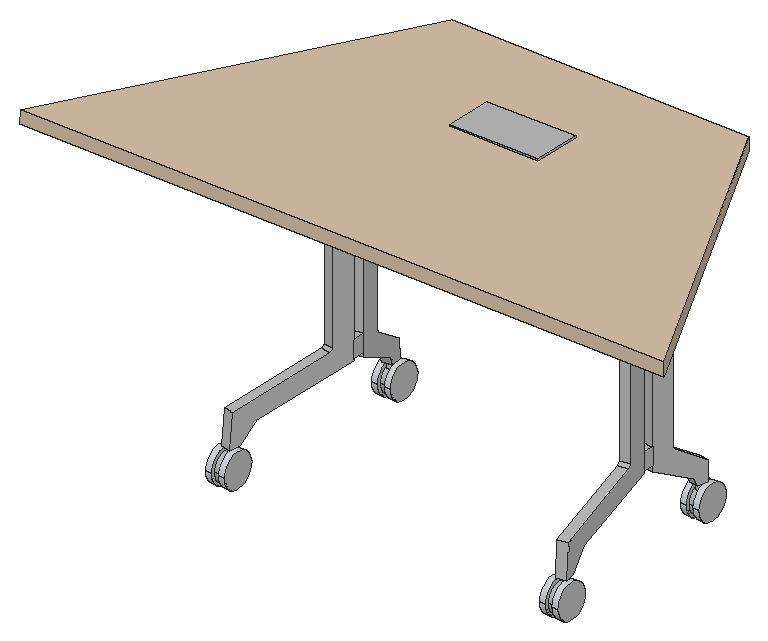
Revit family "Haworth_Planes_TrainingTable_Trapezoid", category Furniture Systems, Revit 2018
Family settings
  Round Connector Dimension = Use Diameter
  Part Type = Normal
  OmniClass Number = 23.40.70.14.64.21
  OmniClass Title = Systems Furniture
  Work Plane-Based = No
  Always vertical = Yes
  Cut with Voids When Loaded = No
  Shared = No
  Room Calculation Point = No
Parameters (values of type "60w 30d")
  Warranty = "http://www.haworth.com/resources/product-info/warranties"
  Void Top Placement = Actual Height + 2"  # 31"
  Void Height = if(Knife Edge, 4", 1 1/2")  # 1 1/2"
  Void Cutout Height = if(Cutout, 5", 1/2")  # 5"
  URL - Product = "http://www.haworth.com/products/tables/training/planes"
  Type Comments = ""
  Table Finish [instance] = Haworth _ Laminate _ Maple H-AE
  Table Edge Finish [instance] = Haworth _ Laminate _ Maple H-AE
  Sustainability Info = "http://media.haworth.com/asset/5175/Planes%20tables%20PEDS.pdf"
  Opening Single Wide = no
  Opening Single Narrow = no
  Opening Single = and(Cutout, not(or(Opening Single Wide, Opening Single Narrow)))  # yes
  Leg Placement = 26"  # constant formula
  Knife Edge = not(Edgeband)  # no
  Fliptop Width = Cutout Width + 1/4"  # 8 1/4"
  Fliptop Depth = Cutout Depth + 3/8"  # 4 3/8"
  Model = "TATP"  # constant formula
  Leg Finish [instance] = Haworth _ Paint _ Metallic Champagne
  Glides = not(Casters)  # no
  Flip Top Finish = Haworth _ Paint _ Metallic Champagne
  Flip Top = yes
  Edgeband = yes
  Description = "Haworth - Planes Training - Table Trapezoid"  # constant formula
  Cutout Width = if(Opening Single Wide, 11", if(Opening Single Narrow, 4", 8"))  # 8"
  Cutout Depth = 4"  # constant formula
  URL = "www.haworth.com"
  Table Thickness = 1 3/16"  # constant formula
  Support Spacing - From Edge = 7 3/16"  # constant formula
  Size = "Verify Final Dim. w/ Haworth"  # constant formula
  Revision Number = "3"  # constant formula
  Manufacturer = "Haworth"  # constant formula
  Leg Height = Actual Height - Table Thickness  # 27 13/16"
  Cutout = yes
  Casters = yes
  Caster Finish [instance] = Haworth _ Paint _ Metallic Champagne
  Author = "Haworth (Hampton, Alias)"  # constant formula
  Assembly Code = "E2020200"
  Actual Width = 60"  # constant formula
  Actual Height = 29"  # constant formula
  Actual Depth = 30"  # constant formula
Reference planes (in)
  plane 1 "Center F/B": y = 0
  plane 2: z = 0
  plane 3 "Center L/R": x = 0
  plane 4 "Table Edge Left": x = -30
  plane 5 "Table Edge Right": x = 30
  plane 6 "Table Edge Front": y = 15
  plane 7 "Table Edge Back": y = -15
  plane 8 "Table Leg Left": x = -13
  plane 9 "Table Leg Right": x = 13
  plane 10 "Top": z = 29
  plane 11 "Support Back": y = 7.8125
  plane 12 "Left Angle": through (-30.26692, -15.49534, 48) normal (-0.8803, 0.4744, 0)
  plane 13: through (30.26692, -15.49534, 48) normal (-0.8803, -0.4744, 0)
  plane 14 "Top Bottom": z = 27.8125
  plane 15 "Void Bottom": z = 29.5
  plane 16 "Void Top": z = 31
  plane 17: y = 4.8125
  plane 18 "Cutout Left": x = -4.125
  plane 19 "Cutout Right": x = 4.125
  plane 20 "Cutout Back": y = 6.8125
  plane 21 "Cutout Front": y = 2.8125
  plane 22 "Void Cutout Bottom": z = 26
  plane 23 "Middle Worksurface": z = 28.625
Forms (in)
  Extrusion 1, solid, material "Haworth _ Laminate _ Maple H-AE" <- "Table Finish", visible <- "Edgeband"
    sketch origin (0, 0, 29) x (-1, 0, 0) y (0, -1, 0)
      loop
        line (13.83419, -15) -> (30, 15) -> (-30, 15) -> (-13.83419, -15) -> (13.83419, -15)
    from -1.1875 to 0
  Extrusion 2, void
    sketch origin (0, 0, 29) x (-1, 0, 0) y (0, -1, 0)
      loop
        line (4.125, -6.8125) -> (4.125, -2.8125) -> (-4.125, -2.8125) -> (-4.125, -6.8125) -> (4.125, -6.8125)
    from -3 to 2
  Extrusion 3, solid, material "Haworth _ Laminate _ Maple H-AE" <- "Table Finish", visible <- "Knife Edge"
    sketch origin (0, 0, 29) x (-1, 0, 0) y (0, -1, 0)
      loop
        line (13.83419, -15) -> (30, 15) -> (-30, 15) -> (-13.83419, -15) -> (13.83419, -15)
    from -0.375 to 0
  Blend 4, solid, material "Haworth _ Laminate _ Maple H-AE" <- "Table Finish", visible <- "Knife Edge"
    base sketch origin (0, 0, 29) x (-1, 0, 0) y (0, -1, 0)
      loop
        line (13.83419, -15) -> (28.92228, 13) -> (-28.92228, 13) -> (-13.83419, -15) -> (13.83419, -15)
    top sketch origin (0, 0, 29) x (-1, 0, 0) y (0, -1, 0)
      loop
        line (13.83419, -15) -> (30, 15) -> (-30, 15) -> (-13.83419, -15) -> (13.83419, -15)
    from -1.1875 to -0.375
Cuts and joins
  Extrusion 2 cuts Extrusion 1
  Extrusion 2 cuts Extrusion 3
  Extrusion 2 cuts Blend 4
  joined: Extrusion 3, Blend 4
Lines and regions (in)
  Masking region 1
    outline origin (0, 0, 29) x (-1, 0, 0) y (0, -1, 0)
      loop
        line (-13.83419, -15) -> (13.83419, -15) -> (30, 15) -> (-30, 15) -> (-13.83419, -15)
  symbolic lines, style "Haworth Hidden", visible <- "Knife Edge", detail levels medium+fine
    curve 1: line (-28.92228, -13, 29) -> (28.92228, -13, 29)
  symbolic lines, style "Haworth", visible <- "Cutout", detail levels medium+fine
    curve 2: line (-4.125, 6.8125, 29) -> (4.125, 6.8125, 29)
    curve 3: line (4.125, 6.8125, 29) -> (4.125, 2.8125, 29)
    curve 4: line (4.125, 2.8125, 29) -> (-4.125, 2.8125, 29)
    curve 5: line (-4.125, 2.8125, 29) -> (-4.125, 6.8125, 29)
Dimensions and locks (in)
  "Actual Width": plane 4 "Table Edge Left" to plane 5 "Table Edge Right"
  equal spacing: plane 4 "Table Edge Left", plane 3 "Center L/R", plane 5 "Table Edge Right"
  "Actual Depth": plane 6 "Table Edge Front" to plane 7 "Table Edge Back"
  equal spacing: plane 6 "Table Edge Front", plane 1 "Center F/B", plane 7 "Table Edge Back"
  "Actual Height": plane 10 "Top" to level
  equal spacing: plane 8 "Table Leg Left", plane 3 "Center L/R", plane 9 "Table Leg Right"
  "Leg Placement": plane 8 "Table Leg Left" to plane 9 "Table Leg Right"
  "Table Thickness": plane 10 "Top" to plane 14 "Top Bottom"
  "Support Spacing - From Edge": plane 6 "Table Edge Front" to plane 11 "Support Back"
  "Void Top Placement": plane 16 "Void Top" to level
  "Void Height": plane 16 "Void Top" to plane 15 "Void Bottom"
  locked: plane 11 "Support Back" to plane 17 at 3
  equal spacing: plane 18 "Cutout Left", plane 3 "Center L/R", plane 19 "Cutout Right"
  "Fliptop Width": plane 18 "Cutout Left" to plane 19 "Cutout Right"
  equal spacing: plane 20 "Cutout Back", plane 17, plane 21 "Cutout Front"
  "Cutout Depth": plane 20 "Cutout Back" to plane 21 "Cutout Front"
  "Void Cutout Height": plane 16 "Void Top" to plane 22 "Void Cutout Bottom"
  locked: plane 10 "Top" to plane 23 "Middle Worksurface" at 0.375
  locked: Blend 4 sketch curve to plane 7 "Table Edge Back" at 2
  locked: plane 7 "Table Edge Back" to curve 1 at 2
  aligned and locked: plane 8 "Table Leg Left" to nested 1
  aligned and locked: nested 2 to plane 9 "Table Leg Right"
  aligned and locked: plane 6 "Table Edge Front" to Extrusion 1 sketch curve
  aligned and locked: Extrusion 1 sketch curve to plane 7 "Table Edge Back"
  aligned and locked: plane 12 "Left Angle" to Extrusion 1 sketch curve
  aligned and locked: plane 13 to Extrusion 1 sketch curve
  aligned and locked: Extrusion 1 to plane 14 "Top Bottom"
  aligned and locked: plane 10 "Top" to Extrusion 1
  aligned and locked: nested 3 to plane 17
  aligned and locked: plane 18 "Cutout Left" to Extrusion 2 sketch curve
  aligned and locked: Extrusion 2 sketch curve to plane 21 "Cutout Front"
  aligned and locked: plane 19 "Cutout Right" to Extrusion 2 sketch curve
  aligned and locked: Extrusion 2 sketch curve to plane 20 "Cutout Back"
  aligned and locked: Extrusion 2 to plane 22 "Void Cutout Bottom"
  aligned and locked: plane 16 "Void Top" to Extrusion 2
  aligned and locked: plane 10 "Top" to Extrusion 3
  aligned and locked: Extrusion 3 to plane 23 "Middle Worksurface"
  aligned and locked: Blend 4 sketch curve to plane 13
  aligned and locked: Blend 4 sketch curve to plane 6 "Table Edge Front"
  aligned and locked: Blend 4 sketch curve to plane 12 "Left Angle"
  aligned and locked: plane 6 "Table Edge Front" to Blend 4 sketch curve
  aligned and locked: plane 13 to Blend 4 sketch curve
  aligned and locked: plane 12 "Left Angle" to Blend 4 sketch curve
  aligned and locked: Blend 4 sketch curve to plane 7 "Table Edge Back"
  aligned and locked: Blend 4 to plane 14 "Top Bottom"
  aligned and locked: Blend 4 to plane 23 "Middle Worksurface"
  aligned and locked: plane 2 to nested 4
  aligned and locked: plane 3 "Center L/R" to nested 4
  aligned and locked: plane 17 to nested 4
  aligned and locked: plane 13 to Masking region 1 sketch curve
  aligned and locked: plane 6 "Table Edge Front" to Masking region 1 sketch curve
  aligned and locked: plane 12 "Left Angle" to Masking region 1 sketch curve
  aligned and locked: Masking region 1 sketch curve to plane 7 "Table Edge Back"
  aligned and locked: plane 18 "Cutout Left" to nested 3
  aligned and locked: nested 3 to plane 19 "Cutout Right"
  aligned and locked: plane 20 "Cutout Back" to cut or joined group of Extrusion 2, Extrusion 3, Blend 4
  aligned and locked: plane 21 "Cutout Front" to cut or joined group of Extrusion 2, Extrusion 3, Blend 4
  aligned and locked: plane 2 to nested 1
  aligned and locked: nested 2 to plane 2
  aligned and locked: plane 10 "Top" to nested 3
Automatic sketch dimensions
  Extrusion 3 sketch curve to plane 5 "Table Edge Right" = 0"
  Extrusion 3 sketch curve to plane 6 "Table Edge Front" = 0"
  Extrusion 3 sketch curve to plane 13 = 0"
  Extrusion 3 sketch curve to plane 12 "Left Angle" = 0"
  Extrusion 3 sketch curve to plane 4 "Table Edge Left" = 0"
  Extrusion 3 sketch curve to plane 7 "Table Edge Back" = 0"
  curve 1 to plane 13 = 0"
  curve 4 to plane 19 "Cutout Right" = 0"
  curve 5 to plane 18 "Cutout Left" = 0"
  curve 1 to plane 12 "Left Angle" = 0"
  curve 3 to plane 20 "Cutout Back" = 0"
  plane 21 "Cutout Front" to curve 5 = 0"
Nested families (in)
  nested 1: "Haworth_Leg-Planes_Training_24D" at (-13.19689, -3, 0), type "Leg"
  nested 2: "Haworth_Leg-Planes_Training_24D" at (13.19689, -3, 0) x (-1, 0, 0) z (0, 0, 1), type "Leg"
  nested 3: "Haworth_Worksurface_FlipTop_Unit_Part" at (-0.57037, 4.76001, 29), visible <- "Flip Top", type "Single Sided"
  nested 4: "Haworth_Planes_TrainingTable_Stretcher_Part" at (0, 1.61967, 0), type "Stretcher"
    with Actual Width 26"
Definition of nested family "Haworth_Leg-Planes_Training_24D"
  Parameters (values of type "Leg")
    Table Depth = 24"
    Model = "Haworth_Leg-Planes_Training_24D"  # constant formula
    Manufacturer = "Haworth"  # constant formula
    Leg Height = 27 13/16"
    Leg Finish = none
    Glides = no
    Front Leg Depth = Table Depth - 12 1/2"  # 11 1/2"
    Description = "Haworth_Leg-Planes_Training_24D"
    Casters = yes
    Caster Finish = none
    Author = "Haworth (Hampton)"  # constant formula
    Assembly Code = ""
  Reference planes (in)
    plane 1 "Center (Front/Back)": y = 0
    plane 2: z = 0
    plane 3 "Center (Left/Right)": x = 0
    plane 4 "Top of Leg": z = 27.8125
    plane 5 "Y Leg Stand": x = -2.35156
    plane 6 "Left Y Leg": through (-0.17621, 0.60996, 48) normal (-0.8829, -0.4695, 0)
    plane 7 "Left Post": x = -0.5625
    plane 8 "Left Support": y = 11.57793
    plane 9: through (-0.17621, -0.60996, 48) normal (0.8829, -0.4695, 0)
    plane 10: y = -11.32793
    plane 11: x = -1.18359
    plane 12: y = 6.2083
  Forms (in)
    Revolve 1, solid, material <- "Leg Finish", visible <- "Glides"
      sketch origin (-1.19307, 0.20824, 0) x (-0.000803, -1, 0) y (0, 0, 1)
        loop
          line (-11.36969, 3.4375) -> (-11.36969, 0) -> (-10.36969, 0) -> (-10.36969, 0.1875) -> (-10.93219, 0.1875) -> (-10.93219, 3.4375) -> (-11.36969, 3.4375)
        axis (-11.36969, 3.4375) -> (-11.36969, 0)
      angle from 0 to 360
    Revolve 2, solid, material <- "Leg Finish", visible <- "Glides"
      sketch origin (-2.36034, 6.04176, 0) x (-0.000803, 1, 0) y (0, 0, -1)
        loop
          line (-11.36969, -3.4375) -> (-10.93219, -3.4375) -> (-10.93219, -0.1875) -> (-10.36969, -0.1875) -> (-10.36969, 0) -> (-11.36969, 0) -> (-11.36969, -3.4375)
        axis (-11.36969, -3.4375) -> (-11.36969, 0)
      angle from 0 to 360
    Extrusion 3, solid, material <- "Leg Finish"
      sketch origin (2.0119, -0.80233, 0) x (0.182579, 0.983191, 0) y (0, 0, 1)
        loop
          line (-5.69087, 6.26139) -> (-5.92579, 3.18345) -> (-4.98335, 3.18345) -> (-3.36322, 4.80358) -> (5.9043, 6.287) -> (5.9043, 27.24592) -> (3.92462, 27.24592) -> (3.92462, 8.10519)
          arc (3.92462, 8.10519) -> (3.85321, 7.91062) -> (3.67287, 7.80844) r 0.30078
          line (3.67287, 7.80844) -> (-5.69087, 6.26139)
      from -3.86674 to -2.94248
    Extrusion 4, solid, material <- "Leg Finish"
      sketch origin (1.99524, 0.3822, 0) x (-0.173889, 0.984765, 0) y (0, 0, 1)
        loop
          line (12.02172, 5.02236) -> (8.82242, 7.10002)
          arc (8.82242, 7.10002) -> (8.72191, 7.20875) -> (8.68546, 7.35227) r 0.30078
          line (8.68546, 7.35227) -> (8.68546, 27.24758) -> (6.68546, 27.24758) -> (6.68546, 6.03031) -> (10.72996, 3.95038) -> (11.08119, 3.19717) -> (12.08119, 3.19717) -> (12.02172, 5.02236)
      from -1.61621 to -0.69725
    Extrusion 5, solid, material <- "Leg Finish"
      sketch origin (0, 0, 0) x (1, 0, 0) y (0, 1, 0)
        loop
          line (-1.10665, 8.6543) -> (-1.44451, 8.6543) -> (-1.44451, 3.76231) -> (-1.07329, 3.76231) -> (-0.71184, 5.70871) -> (-0.75887, 6.68477) -> (-1.10665, 8.6543)
      from 25.04979 to 26.93342
    Extrusion 6, solid, material <- "Leg Finish"
      sketch origin (0, 0, 0) x (1, 0, 0) y (0, 1, 0)
        loop
          line (-0.75887, 6.68477) -> (-0.71184, 5.70871) -> (0.19689, 5.53996) -> (0.14609, 6.84456) -> (-0.75887, 6.68477)
      from 6.48123 to 8.06038
  Lines and regions (in)
    symbolic lines, detail levels medium+fine
      curve 1: line (-2.87176, -5.92254, 0) -> (-1.96304, -6.09129, 0)
      curve 2: line (-1.96304, -6.09129, 0) -> (0.19689, 5.53996, 0)
      curve 3: line (0.19689, 5.53996, 0) -> (0.14609, 6.84456, 0)
      curve 4: line (0.14609, 6.84456, 0) -> (-0.79217, 12.15809, 0)
      curve 5: line (-0.79217, 12.15809, 0) -> (-1.69713, 11.9983, 0)
      curve 6: line (-1.69713, 11.9983, 0) -> (-0.75887, 6.68477, 0)
      curve 7: line (-0.75887, 6.68477, 0) -> (-0.71184, 5.70871, 0)
      curve 8: line (-0.71184, 5.70871, 0) -> (-2.87176, -5.92254, 0)
  Dimensions and locks (in)
    "Leg Height": plane 4 "Top of Leg" to level
    plane 8 "Left Support" to plane 10 = 22.90586"
    plane 12 to plane 10 = 17.53623"
  Automatic sketch dimensions
    Revolve 1 sketch curve to level = 0"
    level to Revolve 1 sketch curve = 3.42885"
    Revolve 1 sketch curve to Revolve 1 sketch curve = 0"
    level to Revolve 1 sketch curve = 3/16"
    Revolve 1 sketch curve to Revolve 1 sketch curve = 7/16"
    Revolve 1 sketch curve to Revolve 1 sketch curve = 9/16"
    Revolve 1 sketch curve to level = 1.07115"
    Revolve 1 sketch curve to Revolve 1 sketch curve = 0.00865"
    Revolve 2 sketch curve to level = 0"
    level to Revolve 2 sketch curve = 3.42885"
    Revolve 2 sketch curve to Revolve 2 sketch curve = 0"
    level to Revolve 2 sketch curve = 3/16"
    Revolve 2 sketch curve to Revolve 2 sketch curve = 7/16"
    Revolve 2 sketch curve to Revolve 2 sketch curve = 9/16"
    Revolve 2 sketch curve to Revolve 2 sketch curve = 0.00865"
    Revolve 2 sketch curve to level = 1.07115"
    Extrusion 3 sketch curve to Extrusion 3 sketch curve = 1.62012"  (x2)
    Extrusion 3 sketch curve to Extrusion 3 sketch curve = 0.04903"
    Extrusion 3 sketch curve to Extrusion 3 sketch curve = 77/256"
    Extrusion 3 sketch curve to plane 4 "Top of Leg" = 0.56658"
    Extrusion 3 sketch curve to Extrusion 3 sketch curve = 1.97968"
    level to Extrusion 3 sketch curve = 8.10519"
    Extrusion 3 sketch curve to Extrusion 3 sketch curve = 1.81819"
    level to Extrusion 3 sketch curve = 6.26139"
    Extrusion 3 sketch curve to Extrusion 3 sketch curve = 1.45781"
    Extrusion 3 sketch curve to Extrusion 3 sketch curve = 0.23492"
    Extrusion 3 sketch curve to Extrusion 3 sketch curve = 0.94244"
    Extrusion 3 sketch curve to Extrusion 3 sketch curve = 6.98706"
    Extrusion 4 sketch curve to plane 4 "Top of Leg" = 0.56492"
    Extrusion 4 sketch curve to Extrusion 4 sketch curve = 2"
    Extrusion 4 sketch curve to Extrusion 4 sketch curve = 0.13696"
    Extrusion 4 sketch curve to Extrusion 4 sketch curve = 77/256"
    level to Extrusion 4 sketch curve = 7.35227"
    Extrusion 4 sketch curve to Extrusion 4 sketch curve = 1.06971"
    Extrusion 4 sketch curve to Extrusion 4 sketch curve = 2.07765"
    Extrusion 4 sketch curve to Extrusion 4 sketch curve = 1.07199"
    Extrusion 4 sketch curve to Extrusion 4 sketch curve = 0.75321"
    Extrusion 4 sketch curve to Extrusion 4 sketch curve = 1.90754"
    Extrusion 4 sketch curve to Extrusion 4 sketch curve = 0.35123"
    Extrusion 4 sketch curve to Extrusion 4 sketch curve = 1.29176"
    Extrusion 4 sketch curve to Extrusion 4 sketch curve = 1"
    plane 11 to Extrusion 5 sketch curve = 0.26091"
    Extrusion 5 sketch curve to plane 11 = 0.07695"
    Extrusion 5 sketch curve to plane 11 = 0.11031"
    plane 7 "Left Post" to Extrusion 5 sketch curve = 0.19637"
    plane 7 "Left Post" to Extrusion 5 sketch curve = 0.14934"
    Extrusion 5 sketch curve to plane 1 "Center (Front/Back)" = 3.76231"
    Extrusion 5 sketch curve to Extrusion 5 sketch curve = 1.9464"
    Extrusion 5 sketch curve to Extrusion 5 sketch curve = 0.97606"
    Extrusion 5 sketch curve to Extrusion 5 sketch curve = 1.96953"
    plane 7 "Left Post" to Extrusion 6 sketch curve = 0.19637"
    plane 7 "Left Post" to Extrusion 6 sketch curve = 0.14934"
    plane 3 "Center (Left/Right)" to Extrusion 6 sketch curve = 0.14609"
    plane 3 "Center (Left/Right)" to Extrusion 6 sketch curve = 0.19689"
    Extrusion 6 sketch curve to plane 1 "Center (Front/Back)" = 5.53996"
    Extrusion 6 sketch curve to Extrusion 6 sketch curve = 0.16875"
    Extrusion 6 sketch curve to Extrusion 6 sketch curve = 0.97606"
    Extrusion 6 sketch curve to Extrusion 6 sketch curve = 0.1598"
    plane 5 "Y Leg Stand" to curve 1 = 0.5202"
    curve 1 to plane 5 "Y Leg Stand" = 0.38852"
    plane 11 to curve 5 = 0.51353"
    plane 7 "Left Post" to curve 4 = 0.22967"
    plane 7 "Left Post" to curve 7 = 0.19637"
    plane 7 "Left Post" to curve 8 = 0.14934"
    plane 3 "Center (Left/Right)" to curve 3 = 0.14609"
    plane 3 "Center (Left/Right)" to curve 3 = 0.19689"
    curve 1 to curve 1 = 0.16875"
    curve 7 to plane 12 = 0.49959"
    plane 12 to curve 7 = 0.47646"
    curve 6 to curve 3 = 0.1598"
  Nested families (in)
    nested 1: "Haworth_3in Caster" at (-1.18359, 11.57793, 0), visible <- "Casters", type "Haworth_3in Caster"
    nested 2: "Haworth_3in Caster" at (-2.35156, -5.32793, 0), visible <- "Casters", type "Haworth_3in Caster"
  Definition of nested family "Haworth_3in Caster"
    Parameters
      Glides = yes
      Caster Finish = none
      Cart Leg Finish = none
      Assembly Code = ""
    Reference planes (in)
      plane 1 "Center (Front/Back)": y = 0
      plane 2: z = 0
      plane 3 "Center (Left/Right)": x = 0
    Forms (in)
      Extrusion 1, solid
        sketch origin (0, 0, -0.02118) x (0, 1, 0) y (0, 0, 1)
          loop
            circle (-0.48695, 1.58368) r 1.5625
        from 0.875 to 0.3125
      Extrusion 2, solid
        sketch origin (0, 0, -0.02118) x (0, 1, 0) y (0, 0, 1)
          loop
            circle (-0.48695, 1.58368) r 1.5625
        from -0.875 to -0.3125
      Extrusion 3, solid
        sketch origin (0, 0, 0) x (0, 1, 0) y (0, 0, 1)
          loop
            circle (-0.48695, 1.5625) r 1.3125
        from -0.3125 to 0.3125
      Extrusion 4, solid
        sketch origin (0, 0, 0) x (1, 0, 0) y (0, 1, 0)
          loop
            circle (0, 0) r 0.25
        from 2.4375 to 3.4375
    Cuts and joins
      joined: Extrusion 3, Extrusion 4
    Dimensions and locks (in)
      plane 3 "Center (Left/Right)" to Extrusion 2 = 5/16"
      Extrusion 1 to plane 3 "Center (Left/Right)" = 7/8"
Definition of nested family "Haworth_Worksurface_FlipTop_Unit_Part"
  Parameters (values of type "Single Sided")
    Warranty = "www.haworth.com/en-us/Products/Pages/Certifications.aspx"
    URL - Product = "www.haworth.com/en-us/Products/Furniture/Systems/Desking-Systems/Pages/Compose.aspx"
    URL = "www.haworth.com"
    Sustainability Info = "www.haworth.com/en-us/About-Us/Sustainability/Pages/Vision.aspx"
    Size = "Verify Final Dim. w/ Haworth"  # constant formula
    Revision Number = "2"  # constant formula
    Model = "Haworth_Worksurface-Flip_Top_Unit"  # constant formula
    Manufacturer = "Haworth"  # constant formula
    LEED Data = "www.haworth.com/_layouts/Haworth.ProductCatalog/Handlers/GetAsset.ashx/ComposeLEEDContributions.pdf?cid=27&rid=1824&type=Leed"
    Flip Top Finish = none
    Description = "Haworth Worksurface-Flip Top Unit - Part"
    Default Elevation = 48"
    Author = "SHAPE Environments, LLC"  # constant formula
    Assembly Code = "E2020200"
    Actual Width = 8 1/4"
    Actual Depth = 4 3/8"
  Reference planes (in)
    plane 1 "Center F/B": y = 0.05249
    plane 2: z = 0
    plane 3 "Center L/R": x = 0.57037
    plane 4 "Back": y = 2.23999
    plane 5 "Right": x = 4.69537
    plane 6 "Front": y = -2.13501
    plane 7 "Left": x = -3.55463
    plane 8 "Table Height": z = 0
  Forms (in)
    Extrusion 1, solid, material <- "Flip Top Finish"
      sketch origin (0, 0, 0) x (-1, 0, 0) y (0, -1, 0)
        loop
          line (3.55463, -2.23999) -> (3.55463, 2.13501) -> (-4.69537, 2.13501) -> (-4.69537, -2.23999) -> (3.55463, -2.23999)
      from 0 to 0.125
    Extrusion 2, solid, material <- "Flip Top Finish"
      sketch origin (0, 0, 0) x (-1, 0, 0) y (0, -1, 0)
        loop
          line (3.42963, -2.05249) -> (3.42963, 1.94751) -> (-4.57037, 1.94751) -> (-4.57037, -2.05249) -> (3.42963, -2.05249)
      from 0 to -2.75
  Cuts and joins
    joined: Extrusion 1, Extrusion 2
  Lines and regions (in)
    Masking region 1
      outline origin (0, 0, 0) x (1, 0, 0) y (0, 1, 0)
        loop
          line (-3.55463, 2.23999) -> (-3.55463, -2.13501) -> (4.69537, -2.13501) -> (4.69537, 2.23999) -> (-3.55463, 2.23999)
  Dimensions and locks (in)
    equal spacing: plane 7 "Left", plane 3 "Center L/R", plane 5 "Right"
    "Actual Width": plane 7 "Left" to plane 5 "Right"
    equal spacing: plane 6 "Front", plane 1 "Center F/B", plane 4 "Back"
    "Actual Depth": plane 4 "Back" to plane 6 "Front"
    plane 7 "Left" to Extrusion 2 sketch curve = 1/8"
    plane 4 "Back" to Extrusion 2 sketch curve = 3/16"
    Extrusion 2 sketch curve to plane 5 "Right" = 1/8"
    Extrusion 2 sketch curve to plane 6 "Front" = 3/16"
    locked: plane 8 "Table Height" to level
    aligned and locked: plane 7 "Left" to Extrusion 1 sketch curve
    aligned and locked: Extrusion 1 sketch curve to plane 4 "Back"
    aligned and locked: plane 6 "Front" to Extrusion 1 sketch curve
    aligned and locked: Extrusion 1 sketch curve to plane 5 "Right"
    aligned and locked: Masking region 1 sketch curve to cut or joined group of Extrusion 1, Extrusion 2  (x3)
    aligned and locked: cut or joined group of Extrusion 1, Extrusion 2 to Masking region 1 sketch curve
Definition of nested family "Haworth_Planes_TrainingTable_Stretcher_Part"
  Parameters (values of type "Stretcher")
    Warranty = "http://www.haworth.com/resources/product-info/warranties"
    URL - Product = "http://www.haworth.com/products/tables/training/planes"
    Type Comments = ""
    Sustainability Info = "http://media.haworth.com/asset/5175/Planes%20tables%20PEDS.pdf"
    Model = "TARA"  # constant formula
    Leg Finish = none
    Description = "Haworth - Planes Training - Table Stretcher"
    URL = "www.haworth.com"
    Size = "Verify Final Dim. w/ Haworth"  # constant formula
    Revision Number = "1"  # constant formula
    Manufacturer = "Haworth"  # constant formula
    Author = "Haworth (Hampton)"  # constant formula
    Assembly Code = "E2020200"
    Actual Width = 46"
    Actual Depth = 5 61/256"  # constant formula
  Reference planes (in)
    plane 1 "Bottom": z = 0
    plane 2 "Center L/R": x = 0
    plane 3 "Left": x = -23
    plane 4 "Right": x = 23
    plane 5 "Strecther Back": y = 5.81197
    plane 6 "Stretcher Front": y = 0.57369
    plane 7 "Center FB": y = 3.19283
  Forms (in)
    Extrusion 1, solid, material <- "Leg Finish"
      sketch origin (30, 0.35365, 0) x (0, 1, 0) y (0, 0, 1)
        loop
          line (0.2204, 26.95529) -> (0.2204, 25.04023) -> (1.90683, 24.00491) -> (1.98015, 23.98526) -> (3.69856, 23.98526) -> (3.77188, 24.00491) -> (5.45832, 25.04023) -> (5.45832, 26.95529) -> (0.2204, 26.95529)
      from -53 to -7
  Lines and regions (in)
    symbolic lines, detail levels medium+fine
      curve 1: line (-23, 0.57369, 29) -> (23, 0.57369, 29)
      curve 2: line (23.19689, 5.81197, 29) -> (-23.19689, 5.81197, 29)
  Dimensions and locks (in)
    "Actual Depth": plane 5 "Strecther Back" to plane 6 "Stretcher Front"
    equal spacing: plane 5 "Strecther Back", plane 7 "Center FB", plane 6 "Stretcher Front"
    "Actual Width": plane 3 "Left" to plane 4 "Right"
    equal spacing: plane 3 "Left", plane 2 "Center L/R", plane 4 "Right"
    aligned and locked: plane 4 "Right" to Extrusion 1
    aligned and locked: Extrusion 1 to plane 3 "Left"
    aligned and locked: plane 5 "Strecther Back" to Extrusion 1
    aligned and locked: curve 1 to plane 6 "Stretcher Front"
    aligned and locked: plane 5 "Strecther Back" to curve 2
  Automatic sketch dimensions
    Extrusion 1 sketch curve to Extrusion 1 sketch curve = 1.68644"  (x2)
    Extrusion 1 sketch curve to Extrusion 1 sketch curve = 0.07332"  (x2)
    Extrusion 1 sketch curve to Extrusion 1 sketch curve = 1.71841"
    Extrusion 1 sketch curve to Extrusion 1 sketch curve = 0.01965"  (x2)
    Extrusion 1 sketch curve to Extrusion 1 sketch curve = 1.03532"  (x2)
    Extrusion 1 sketch curve to Extrusion 1 sketch curve = 1.91506"
    curve 1 to plane 4 "Right" = 0"
    curve 1 to plane 3 "Left" = 0"
    plane 4 "Right" to curve 2 = 0.19689"
    curve 2 to plane 3 "Left" = 0.19689"
    Extrusion 1 sketch curve to plane 5 "Strecther Back" = 0"
    level to Extrusion 1 sketch curve = 23.98526"
